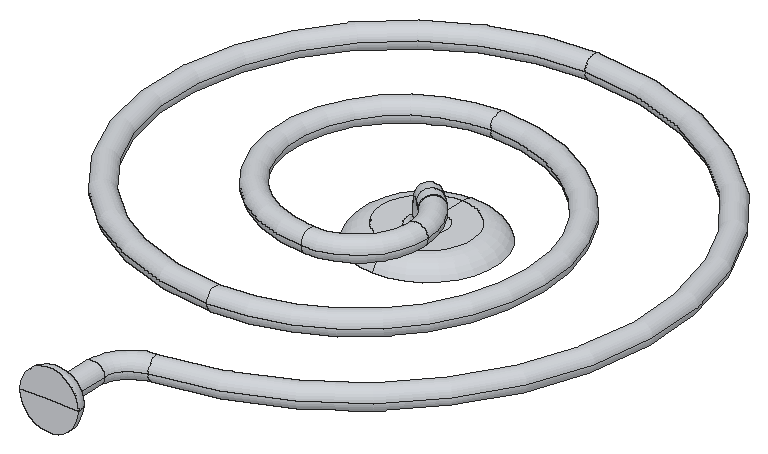
Revit family
Parameters (values of type "900 x 780mm")
  Material = none
  Manufacturer = "Revit"
  Assembly Code = "D2010710"
Types (2): name
  Type 1
  900 x 780mm
Reference planes
  plane 1: y = 0
  plane 2 "Center (Left/Right)": x = 125
  plane 3 "Back": y = 75
Text (mm)
  text "Placement side" at (-1787.139, 592.35, 0), in view "Ref. Level"
  text "Placement side" at (0, 1827.695, 2917.686), in view "Left"
  text "Placement side" at (0, 562.268, 3853.606), in view "Right"
Dimensions and locks
  locked: plane 3 "Back" to host wall at 0
  aligned and locked: host wall to plane 1
  aligned and locked: nested 1 to plane 2 "Center (Left/Right)"
  aligned and locked: nested 1 to plane 3 "Back"
Nested families
  nested 1: "Shower" at (125, 596.619, 2200) x (0, -1, 0) z (0, 0, 1), type "Shower"
Definition of nested family "Shower"
  Parameters
    Material = none
    Manufacturer = "Revit"
    Description = "Shower"
    Assembly Code = "D2010710"
  Reference planes
    plane 1 "Center (Front/Back)": y = 0
    plane 2: z = 0
    plane 3 "Center (Left/Right)": x = 0
    plane 4: y = 80
    plane 5 "2": through (-56.569, 56.569, 0) normal (-0.7071, 0.7071, 0)
    plane 6: through (0, 0, 0) normal (0.7071, 0.7071, 0)
    plane 7: through (-38.34, -38.34, 0) normal (-0.7071, -0.7071, 0)
    plane 8: y = 18.229
    plane 9: x = 573.506
  Forms (mm)
    Sweep 1, solid, material <- "Material"
      path origin (0, 0, 0) x (1, 0, 0) y (0, 1, 0)
        loop
          line (497.214, 0) -> (447.214, 0)
          arc (447.214, 0) -> (413.88, 12.732) -> (397.523, 44.444) r 50
          arc (397.523, 44.444) -> (-22.257, 399.38) -> (-400, 0) r 400
          arc (-400, 0) -> (-80, -320) -> (240, 0) r 320
          arc (240, 0) -> (0, 240) -> (-240, 0) r 240
          arc (-240, 0) -> (-80, -160) -> (80, 0) r 160
          arc (80, 0) -> (56.569, 56.569) -> (0, 80) r 80
          arc (0, 80) -> (-30.615, 73.91) -> (-56.569, 56.569) r 80
      profile origin (0, 0, 0) x (-0.993808, -0.111111, 0) y (0, 0, 1)
        loop
          circle (-400, 0) r 15
    Sweep 2, solid, material <- "Material"
      path origin (-56.569, 56.569, 0) x (-0.707107, -0.707107, 0) y (0, 0, 1)
        loop
          line (0, 0) -> (15, 0)
          arc (15, 0) -> (42.733, -11.488) -> (54.221, -39.221) r 39.221
      profile origin (-5.303, -5.303, 0) x (0, 0, 1) y (-0.707107, 0.707107, 0)
        loop
          circle (0, 80) r 15
    Revolve 3, solid, material <- "Material"
      sketch origin (0, 18.229, 0) x (1, 0, 0) y (0, 0, 1)
        loop
          line (-94.908, -39.221) -> (-109.931, -39.221)
          arc (-109.931, -39.221) -> (-113.266, -46.266) -> (-120.515, -49.129) r 10.607
          line (-120.515, -49.129) -> (-155.503, -49.129)
          arc (-155.503, -49.129) -> (-174.485, -54.759) -> (-187.33, -69.827) r 34.819
          line (-187.33, -69.827) -> (-94.908, -69.827) -> (-94.908, -39.221)
        axis (-94.908, -39.221) -> (-94.908, -69.827)
      angle from 0 to 360
    Revolve 4, solid, material <- "Material"
      sketch origin (0, 0, 0) x (1, 0, 0) y (0, 1, 0)
        loop
          line (497.214, 0) -> (521.619, 0) -> (521.619, 39.406)
          arc (521.619, 39.406) -> (504.362, 32.258) -> (497.214, 15) r 24.406
          line (497.214, 15) -> (497.214, 0)
        axis (497.214, 0) -> (521.619, 0)
      angle from 0 to 360
  Dimensions and locks
    aligned and locked: Sweep 2 sketch curve to Sweep 1  (x2)
